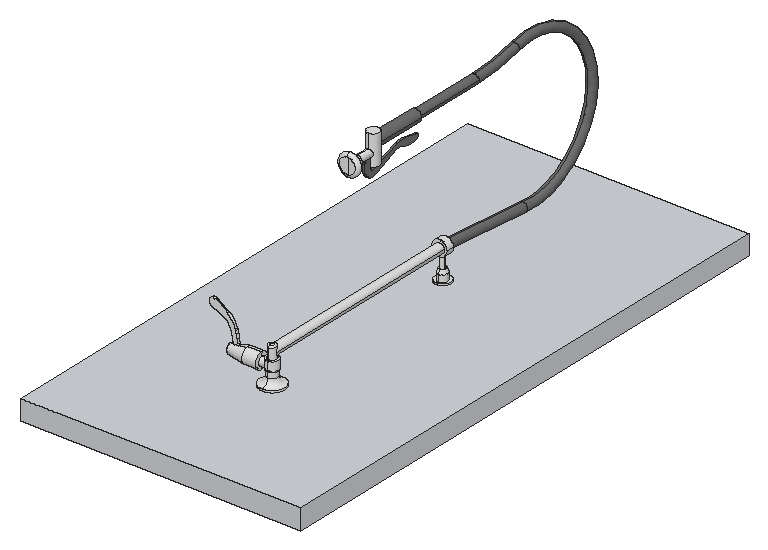
Revit family
Parameters (values of type "TF81WJS")
  WELSRating_ANZRS = "6 star"
  URL = "www.galvinengineering.com.au"
  Type Comments = "Ezy-Wash Pre-Rinse"
  StyleOrType_ANZRS = "Plumbing Fixture"
  PlumbingMaterial_ANZRS = Metal_Taps_DR-Brass-with-Chrome-Finish_10800
  Outlet = "1000mm long high pressure hose with swivel ends"
  ModifiedIssue_ANZRS = 20120721.01  # constant formula
  Model = "TF81WJS"
  Manufacturer = "Galvin Engineering"
  Keynote = "15400"
  Instructions = "http://www.galvinengineering.com.au/Installation_Guides_1.aspx"
  Inlet = "15mm BSP Female"
  FlowRate = 0.075 L/s
  FlexibleHoseMaterial = Rubber_Taps_Black-with-Spring_10800
  FilterObject_ANZRS = "Ezy-Wash"
  DimInletRadius = 7.5 mm  # constant formula
  DimHeight = 1010 mm  # constant formula
  Description = "Wall Mounted Single Control Pre-Rinse Unit Type 81W"
  Default Elevation = 900 mm
  CreatedBy_ANZRS = "Galvin Engineering"
  CreatedByURL_ANZRS = "www.galvinengineering.com.au"
  CreatedByPhoneNo_ANZRS = "61-8-92495900"
  Assembly Code = "D2010"
Reference planes
  plane 1 "Bottom": y = 0
  plane 2 "Face": z = 0
  plane 3 "Center (Left/Right)": x = 0
  plane 4 "Top": y = 1010
  plane 5 "WidthReference1": z = 76.475
  plane 6 "Width2": z = 386.475
  plane 7: z = 145.212
  plane 8: x = -155
  plane 9: z = 44.94
  plane 10: y = 235
Forms (mm)
  Extrusion 1, solid
    sketch origin (0, -719.2, 0) x (1, 0, 0) y (0, 1, 0)
      loop
        line (-350, 1769.2) -> (-350, 369.2) -> (350, 369.2) -> (350, 1769.2) -> (-350, 1769.2)
    from 0 to -50
  Revolve 2, solid, material "Metal_Taps_DR-Brass-with-Chrome-Finish_10800" <- "PlumbingMaterial_ANZRS"
    sketch origin (0, 0, 0) x (0, 1, 0) y (0, 0, 1)
      loop
        line (0, 90.5) -> (-6.45, 90.5)
        arc (-6.45, 90.5) -> (-8.571, 89.621) -> (-9.45, 87.5) r 3
        line (-9.45, 87.5) -> (-9.45, 61) -> (-13.8, 61)
        arc (-13.8, 61) -> (-14.861, 60.561) -> (-15.3, 59.5) r 1.5
        line (-15.3, 59.5) -> (-15.3, 37.5)
        arc (-15.3, 37.5) -> (-14.861, 36.439) -> (-13.8, 36) r 1.5
        line (-13.8, 36) -> (-12.751, 36) -> (-12.751, 21.721)
        arc (-12.751, 21.721) -> (-18.089, 8.835) -> (-30.975, 3.497) r 18.224
        line (-30.975, 3.497) -> (-30.975, 0) -> (0, 0) -> (0, 90.5)
      axis (0, 90.5) -> (0, 0)
    angle from 0 to 360
  Extrusion 3, solid, material "Metal_Taps_DR-Brass-with-Chrome-Finish_10800" <- "PlumbingMaterial_ANZRS"
    sketch origin (0, 62.766, 142.426) x (1, 0, 0) y (0, 0, 1)
      loop
        circle (0, -66.426) r 19
    from -478.384 to -460.384
  Extrusion 4, solid, material "Metal_Taps_DR-Brass-with-Chrome-Finish_10800" <- "PlumbingMaterial_ANZRS"
    sketch origin (0, 466.149, -639.907) x (0, -1, 0) y (1, 0, 0)
      loop
        circle (-66.426, 0) r 5
    from 667.496 to 704.795
  Revolve 5, solid, material "Metal_Taps_DR-Brass-with-Chrome-Finish_10800" <- "PlumbingMaterial_ANZRS"
    sketch origin (0, 0, 0) x (0, 1, 0) y (0, 0, 1)
      loop
        line (532.575, 27.589) -> (523.865, 27.589) -> (520.575, 19.027) -> (520.575, 2) -> (512.575, 2) -> (512.575, 0) -> (532.575, 0) -> (532.575, 27.589)
      axis (532.575, 27.589) -> (532.575, 0)
    angle from 0 to 360
  Revolve 6, solid, material "Metal_Taps_DR-Brass-with-Chrome-Finish_10800" <- "PlumbingMaterial_ANZRS"
    sketch origin (0, 0, 0) x (1, 0, 0) y (0, 0, 1)
      loop
        line (-60.567, 25.89) -> (-26.567, 25.89) -> (-26.567, 33.94) -> (0, 33.94) -> (0, 44.94) -> (-107.608, 44.94)
        arc (-107.608, 44.94) -> (-107.467, 40.824) -> (-106.97, 36.736) r 47.48
        arc (-106.97, 36.736) -> (-105.866, 34.594) -> (-103.73, 33.479) r 3.99
        line (-103.73, 33.479) -> (-60.567, 25.89)
      axis (-107.608, 44.94) -> (0, 44.94)
    angle from 0 to 360
  Extrusion 7, solid, material "Metal_Taps_DR-Brass-with-Chrome-Finish_10800" <- "PlumbingMaterial_ANZRS"
    sketch origin (0, 0, 0) x (1, 0, 0) y (0, 0, 1)
      loop
        arc (-126.164, 116.422) -> (-108.386, 102.779) -> (-98.739, 82.553) r 48
        line (-98.739, 82.553) -> (-91.485, 48.428) -> (-80.653, 50.375) -> (-89.077, 90.004)
        arc (-89.077, 90.004) -> (-98.164, 111.155) -> (-114.654, 127.219) r 59
        line (-114.654, 127.219) -> (-139.94, 143.64)
        arc (-139.94, 143.64) -> (-153.427, 140.773) -> (-150.56, 127.285) r 9.75
        line (-150.56, 127.285) -> (-126.164, 116.422)
    from -2.5 to 2.5
  Extrusion 8, solid, material "Metal_Taps_DR-Brass-with-Chrome-Finish_10800" <- "PlumbingMaterial_ANZRS"
    sketch origin (0, 249.042, -243.396) x (0, -1, 0) y (1, 0, 0)
      loop
        circle (-66.426, 0) r 15
    from 601.678 to 673.678
  Revolve 9, solid, material "Metal_Taps_DR-Brass-with-Chrome-Finish_10800" <- "PlumbingMaterial_ANZRS"
    sketch origin (0, -211.054, 0) x (0, 1, 0) y (0, 0, 1)
      loop
        line (475.022, 398.475) -> (468.022, 398.475)
        arc (468.022, 398.475) -> (462.365, 400.818) -> (460.022, 406.475) r 8
        arc (460.022, 406.475) -> (453.022, 413.475) -> (446.022, 406.475) r 7
        line (446.022, 406.475) -> (446.022, 386.475) -> (526.522, 386.475) -> (526.522, 395.725) -> (475.022, 395.725) -> (475.022, 398.475)
      axis (526.522, 386.475) -> (446.022, 386.475)
    angle from 0 to 360
  Extrusion 10, solid, material "Rubber_Taps_Black_10800"
    sketch origin (0, -211.179, -0.937) x (0, 1, 0) y (0, 0, 1)
      loop
        arc (627.956, 372.705) -> (613.482, 373.415) -> (599.326, 370.32) r 55
        line (599.326, 370.32) -> (532.028, 345.957)
        arc (532.028, 345.957) -> (518.289, 346.32) -> (511.522, 358.283) r 13.957
        line (511.522, 358.283) -> (511.522, 378.095) -> (491.645, 378.095)
        arc (491.645, 378.095) -> (497.617, 375.265) -> (498.15, 368.678) r 6.607
        arc (498.15, 368.678) -> (502.572, 340.003) -> (530.803, 333.309) r 25.979
        line (530.803, 333.309) -> (598.627, 358.859)
        arc (598.627, 358.859) -> (609.29, 360.397) -> (619.611, 357.306) r 25
        arc (619.611, 357.306) -> (641.346, 352.239) -> (662.465, 359.455) r 40.5
        arc (662.465, 359.455) -> (664.088, 363.585) -> (660.899, 366.672) r 4
        line (660.899, 366.672) -> (627.956, 372.705)
    from -2.5 to 2.5
  Extrusion 11, solid, material "Rubber_Taps_Black_10800"
    sketch origin (0, -217.443, 473.209) x (1, 0, 0) y (0, 0, 1)
      loop
        circle (0, -66.426) r 15
    from -664.611 to -535.911
  Sweep 12, solid, material "Rubber_Taps_Black-with-Spring_10800" <- "FlexibleHoseMaterial"
    path origin (0, 0, 0) x (0, 1, 0) y (0, 0, 1)
      loop
        arc (631.678, 406.783) -> (695.326, 411.136) -> (757.789, 424.115) r 467.457
        arc (757.789, 424.115) -> (998.347, 253.639) -> (781.754, 53.595) r 189.76
        arc (781.754, 53.595) -> (661.749, 67.589) -> (541.15, 74.866) r 2165
    profile origin (0, 998.347, 253.639) x (0, 0.997915, 0.064543) y (1, 0, 0)
      loop
        circle (0, 0) r 11.1
  Extrusion 13, solid, material "Rubber_Taps_Black_10800"
    sketch origin (0, -62.443, 473.209) x (1, 0, 0) y (0, 0, 1)
      loop
        circle (0, -66.426) r 11.1
    from -694.121 to -509.611
  Extrusion 14, solid, material "Metal_Taps_DR-Brass-with-Chrome-Finish_10800" <- "PlumbingMaterial_ANZRS"
    sketch origin (0, 62.766, 142.426) x (1, 0, 0) y (0, 0, 1)
      loop
        circle (0, -66.426) r 11.1
    from -460.384 to 62.766
Cuts and joins
  joined: Revolve 2, Extrusion 3, Extrusion 4, Revolve 6, Extrusion 7, Extrusion 14
  joined: Extrusion 8, Revolve 9
Dimensions and locks
  "DimHeight": plane 4 "Top" to plane 1 "Bottom"
  locked: plane 6 "Width2" to plane 5 "WidthReference1" at 310
  locked: plane 3 "Center (Left/Right)" to plane 8 at 155
  locked: plane 7 to plane 9 at 100.272
  locked: plane 10 to plane 1 "Bottom" at 235
  aligned and locked: plane 2 "Face" to Extrusion 1
  aligned and locked: level to Extrusion 1
Automatic sketch dimensions
  Extrusion 1 sketch curve to Extrusion 1 sketch curve = 700 mm
  Extrusion 1 sketch curve to Extrusion 1 sketch curve = 1400 mm
  Revolve 2 sketch curve to level = 0 mm
  Revolve 2 sketch curve to plane 1 "Bottom" = 0 mm  (x2)
  plane 1 "Bottom" to Revolve 2 sketch curve = 6.45 mm
  plane 1 "Bottom" to Revolve 2 sketch curve = 9.45 mm
  plane 1 "Bottom" to Revolve 2 sketch curve = 12.751 mm
  Revolve 2 sketch curve to Revolve 2 sketch curve = 4.35 mm
  Revolve 2 sketch curve to Revolve 2 sketch curve = 1.049 mm
  Revolve 2 sketch curve to Revolve 2 sketch curve = 1.5 mm
  Revolve 2 sketch curve to Revolve 2 sketch curve = 18.224 mm
  Revolve 2 sketch curve to level = 20 mm
  Revolve 2 sketch curve to Revolve 2 sketch curve = 3.497 mm
  plane 9 to Revolve 2 sketch curve = 14.94 mm
  plane 9 to Revolve 2 sketch curve = 8.94 mm
  Revolve 2 sketch curve to plane 9 = 14.56 mm
  plane 5 "WidthReference1" to Revolve 2 sketch curve = 11.025 mm
  Extrusion 3 sketch curve to plane 3 "Center (Left/Right)" = 0 mm
  Extrusion 3 sketch curve to plane 5 "WidthReference1" = 0.475 mm
  Extrusion 4 sketch curve to plane 3 "Center (Left/Right)" = 0 mm
  plane 10 to Extrusion 4 sketch curve = 297.575 mm
  level to Revolve 5 sketch curve = 0 mm
  plane 10 to Revolve 5 sketch curve = 277.575 mm
  level to Revolve 5 sketch curve = 2 mm
  Revolve 5 sketch curve to Revolve 5 sketch curve = 8 mm
  plane 9 to Revolve 5 sketch curve = 17.351 mm
  Revolve 5 sketch curve to Revolve 5 sketch curve = 3.29 mm
  Revolve 5 sketch curve to Revolve 5 sketch curve = 8.71 mm
  Revolve 5 sketch curve to Revolve 5 sketch curve = 0 mm
  Revolve 5 sketch curve to Revolve 5 sketch curve = 8.344 mm
  Revolve 5 sketch curve to Revolve 5 sketch curve = 12.589 mm
  Revolve 5 sketch curve to Revolve 5 sketch curve = 8.562 mm
  Revolve 6 sketch curve to plane 9 = 0 mm  (x2)
  Revolve 6 sketch curve to plane 3 "Center (Left/Right)" = 0 mm
  Revolve 6 sketch curve to plane 3 "Center (Left/Right)" = 24.983 mm
  Revolve 6 sketch curve to Revolve 6 sketch curve = 1.584 mm
  plane 9 to Revolve 6 sketch curve = 0.436 mm
  Revolve 6 sketch curve to Revolve 6 sketch curve = 35.147 mm
  Revolve 6 sketch curve to Revolve 6 sketch curve = 0.437 mm
  plane 9 to Revolve 6 sketch curve = 7.532 mm
  Revolve 6 sketch curve to Revolve 6 sketch curve = 42.907 mm
  plane 9 to Revolve 6 sketch curve = 11.462 mm
  Revolve 6 sketch curve to Revolve 6 sketch curve = 0.693 mm
  Revolve 6 sketch curve to Revolve 6 sketch curve = 3.933 mm
  Revolve 6 sketch curve to Revolve 6 sketch curve = 85.017 mm
  Revolve 6 sketch curve to Revolve 6 sketch curve = 18.614 mm
  plane 9 to Revolve 6 sketch curve = 11 mm
  plane 8 to Extrusion 7 sketch curve = 4.44 mm
  plane 5 "WidthReference1" to Extrusion 7 sketch curve = 1.262 mm
  plane 8 to Extrusion 7 sketch curve = 8.212 mm
  Extrusion 7 sketch curve to Extrusion 7 sketch curve = 1.098 mm
  plane 8 to Extrusion 7 sketch curve = 9.75 mm
  Extrusion 7 sketch curve to plane 7 = 1.573 mm
  Extrusion 7 sketch curve to Extrusion 7 sketch curve = 5.31 mm
  Extrusion 7 sketch curve to Extrusion 7 sketch curve = 24.396 mm
  Extrusion 7 sketch curve to plane 7 = 17.994 mm
  Extrusion 7 sketch curve to Extrusion 7 sketch curve = 11.511 mm
  plane 5 "WidthReference1" to Extrusion 7 sketch curve = 6.078 mm
  Extrusion 7 sketch curve to Extrusion 7 sketch curve = 27.426 mm
  Extrusion 7 sketch curve to plane 9 = 3.488 mm
  Extrusion 7 sketch curve to Extrusion 7 sketch curve = 7.253 mm
  Extrusion 7 sketch curve to Extrusion 7 sketch curve = 9.662 mm
  Extrusion 7 sketch curve to plane 9 = 5.435 mm
  Extrusion 7 sketch curve to Extrusion 7 sketch curve = 10.832 mm
  Extrusion 7 sketch curve to plane 5 "WidthReference1" = 3.902 mm
  Extrusion 7 sketch curve to plane 7 = 17.927 mm
  Extrusion 8 sketch curve to plane 3 "Center (Left/Right)" = 0 mm
  plane 10 to Extrusion 8 sketch curve = 80.468 mm
  Revolve 9 sketch curve to plane 6 "Width2" = 0 mm  (x2)
  Revolve 9 sketch curve to plane 10 = 15.032 mm
  Revolve 9 sketch curve to plane 10 = 0.032 mm
  plane 10 to Revolve 9 sketch curve = 6.968 mm
  Revolve 9 sketch curve to Revolve 9 sketch curve = 0 mm
  Revolve 9 sketch curve to Revolve 9 sketch curve = 8 mm
  Revolve 9 sketch curve to Revolve 9 sketch curve = 7 mm
  Revolve 9 sketch curve to Revolve 9 sketch curve = 6 mm
  Revolve 9 sketch curve to Revolve 9 sketch curve = 45.5 mm
  plane 6 "Width2" to Revolve 9 sketch curve = 9.25 mm
  Revolve 9 sketch curve to Revolve 9 sketch curve = 2.75 mm
  Extrusion 10 sketch curve to plane 6 "Width2" = 9.317 mm
  plane 10 to Extrusion 10 sketch curve = 45.467 mm
  Extrusion 10 sketch curve to Extrusion 10 sketch curve = 0.536 mm
  Extrusion 10 sketch curve to Extrusion 10 sketch curve = 5.969 mm
  Extrusion 10 sketch curve to Extrusion 10 sketch curve = 13.372 mm
  Extrusion 10 sketch curve to Extrusion 10 sketch curve = 10.139 mm
  Extrusion 10 sketch curve to Extrusion 10 sketch curve = 3.819 mm
  Extrusion 10 sketch curve to plane 6 "Width2" = 54.104 mm
  Extrusion 10 sketch curve to Extrusion 10 sketch curve = 5.324 mm
  Extrusion 10 sketch curve to Extrusion 10 sketch curve = 1.225 mm
  Extrusion 10 sketch curve to plane 6 "Width2" = 28.554 mm
  Extrusion 10 sketch curve to Extrusion 10 sketch curve = 66.6 mm
  Extrusion 10 sketch curve to plane 6 "Width2" = 17.093 mm
  Extrusion 10 sketch curve to Extrusion 10 sketch curve = 0.699 mm
  Extrusion 10 sketch curve to Extrusion 10 sketch curve = 8.819 mm
  Extrusion 10 sketch curve to Extrusion 10 sketch curve = 10.602 mm
  Extrusion 10 sketch curve to Extrusion 10 sketch curve = 20.983 mm
  Extrusion 10 sketch curve to Extrusion 10 sketch curve = 0 mm
  Extrusion 10 sketch curve to plane 6 "Width2" = 14.708 mm
  Extrusion 10 sketch curve to Extrusion 10 sketch curve = 8.345 mm
  plane 6 "Width2" to Extrusion 10 sketch curve = 5.276 mm
  Extrusion 10 sketch curve to Extrusion 10 sketch curve = 11.362 mm
  Extrusion 10 sketch curve to Extrusion 10 sketch curve = 32.223 mm
  Extrusion 10 sketch curve to plane 6 "Width2" = 20.741 mm
  Extrusion 10 sketch curve to Extrusion 10 sketch curve = 0.721 mm
  Extrusion 10 sketch curve to Extrusion 10 sketch curve = 2.286 mm
  Extrusion 10 sketch curve to Extrusion 10 sketch curve = 12.648 mm
  Extrusion 10 sketch curve to Extrusion 10 sketch curve = 0.657 mm
  Extrusion 11 sketch curve to plane 3 "Center (Left/Right)" = 0 mm
  plane 6 "Width2" to Extrusion 11 sketch curve = 20.308 mm
  Sweep 12 sketch curve to profile plane = 0 mm  (x2)
  Extrusion 13 sketch curve to plane 3 "Center (Left/Right)" = 0 mm
  plane 6 "Width2" to Extrusion 13 sketch curve = 20.308 mm
  Extrusion 14 sketch curve to plane 3 "Center (Left/Right)" = 0 mm
  Extrusion 14 sketch curve to plane 5 "WidthReference1" = 0.475 mm
  plane 10 to Sweep 12 sketch curve = 236.092 mm
  Sweep 12 sketch curve to plane 5 "WidthReference1" = 1.609 mm
  plane 10 to Sweep 12 sketch curve = 306.15 mm
  plane 6 "Width2" to Sweep 12 sketch curve = 20.308 mm
  Sweep 12 sketch curve to Sweep 12 sketch curve = 90.528 mm
  plane 6 "Width2" to Sweep 12 sketch curve = 37.64 mm
  Sweep 12 sketch curve to Sweep 12 sketch curve = 126.111 mm
  Sweep 12 sketch curve to Sweep 12 sketch curve = 0 mm
  level to Sweep 12 sketch curve = 53.595 mm
  Sweep 12 sketch curve to Sweep 12 sketch curve = 240.603 mm
  radius of Extrusion 3 sketch curve = 19 mm
  radius of Extrusion 4 sketch curve = 5 mm
  radius of Extrusion 8 sketch curve = 15 mm
  radius of Extrusion 11 sketch curve = 15 mm
  radius of Sweep 12 sketch curve = 11.1 mm
  radius of Extrusion 13 sketch curve = 11.1 mm
  radius of Extrusion 14 sketch curve = 11.1 mm
Connectors
  piping at (0, 0, 0), driven by "DimInletRadius", driven by "FlowRate", driven by "Inlet"
    settings: on cut or joined group of Revolve 2, Extrusion 3, Extrusion 4, Revolve 6, Extrusion 7, Extrusion 14, index 1, connector radius 0.29528", flow factor 0, pipe flow 0.075 L/s, pressure drop 0.00 psi, fitting loss kfactor 0, connector angle 0.00°, fixture units 0, flow configuration 1, flow direction 1, fitting loss method 4, system type 20, connector reference index -1, connector utility 0, adjustable connector no, is connector primary yes, fitting loss table "", connector description "15mm BSP Female"
